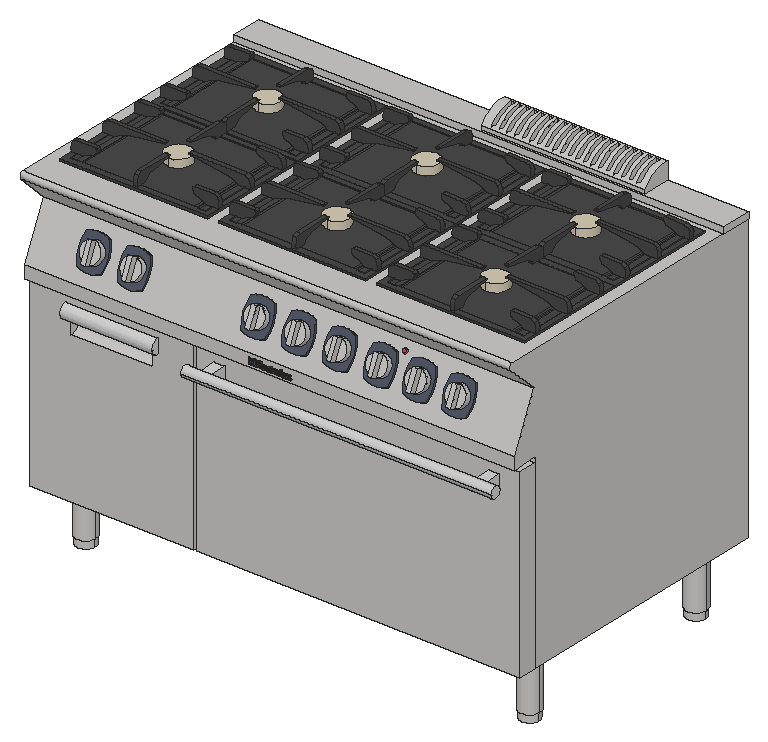
Revit family "QF_ELECTROLUXPROFESSIONAL_371406_E7AANTBGMII", category Attrezzature speciali, Revit 2018
Family settings
  Quota connettore circolare = Usa diametro
  Tipo di parte = Normale
  Basato su piano di lavoro = No
  Sempre verticale = Sì
  Taglio con vuoti quando caricato = No
  Condiviso = No
  Punto di calcolo locali = No
Parameters (values of type "Standard")
  Weight = 120.00 kg
  Watts = 6000 W
  Volts = 380 V
  URL Manufacturer = "https://www.electroluxprofessional.com/"
  URL = "https://www.electroluxprofessional.com/"
  Steam Supply Size = 0"
  Steam Supply Minimum Pressure = 0.00 psi
  Steam Supply Maximum Pressure = 0.00 psi
  Steam Consumption per Hour = 0
  Show Logo [instance] = yes
  Show Clearance [instance] = yes
  Refrigeration Suction Line Size = 0 mm
  Refrigeration Liquid Line Size = 0 mm
  Refrigerant Compressor Remote = yes
  Phase = 3
  Modello = "E7AANTBGMII"
  Produttore = "Electrolux Professional"
  Length Actual = 1200 mm  # constant formula
  Item Number = "371406"
  Hot Water Size = 0"
  Height Actual = 850 mm  # constant formula
  HP = "8 HP"
  Gas Size = 1/2"
  Gas KW = 33
  Gas Input Pressure = 1.10632 Btu/h
  Direct Waste Size = 0"
  Descrizione = "6-BURNER GAS RANGE+EL.OVEN+CUPB. 1200MM - QMARK"
  Depth Actual = 730 mm  # constant formula
  Cycle = 50 Hz
  Condensate Return Size = 0"
  Compressed Air Volume = 0 GPM
  Compressed Air Size = 0"
  Compressed Air Pressure = 0.00 psi
  Cold Water Size = 0"
  Assembly Code = ""
  Accessory = yes
Values of the unnamed type that differ from the named types
  Weight = 0.00 kg
  Watts = 0 W
  Volts = 0 V
  URL Manufacturer = ""
  Item Number = ""
  HP = ""
  Gas KW = 0
  Gas Input Pressure = 0.0 Btu/h
  Cycle = 0 Hz
Reference planes
  plane 1 "BACK": y = 0
  plane 2: z = 0
  plane 3 "LEFT": x = 0
  plane 4 "RIGHT": x = 1200
  plane 5 "FRONT": y = -700
  plane 6 "TOP": z = 908.9
  plane 7 "Center Y": x = 600
  plane 8 "Center X": y = -350
  plane 9 "Base": z = 150
  plane 10: z = 850.9
  plane 11: y = -730.129
  plane 12: y = -1109
Forms (mm)
  Revolve 1, solid, material "QF_Finishes_Stainless Steel"
    sketch origin (1, -90, 0) x (1, 0, 0) y (0, 0, 1)
      loop
        line (55, 0) -> (55, 150) -> (29.6, 150) -> (29.6, 19.05) -> (32.1, 19.05) -> (32.1, 0) -> (55, 0)
      axis (55, 0) -> (55, 150)
    angle from 0 to 360
  Revolve 2, solid, material "QF_Finishes_Stainless Steel"
    sketch origin (1, -599.588, 0) x (1, 0, 0) y (0, 0, 1)
      loop
        line (55, 0) -> (55, 150) -> (29.6, 150) -> (29.6, 19.05) -> (32.1, 19.05) -> (32.1, 0) -> (55, 0)
      axis (55, 0) -> (55, 150)
    angle from 0 to 360
  Revolve 3, solid, material "QF_Finishes_Stainless Steel"
    sketch origin (799, -90, 0) x (-1, 0, 0) y (0, 0, -1)
      loop
        line (-345, 0) -> (-367.9, 0) -> (-367.9, -19.05) -> (-370.4, -19.05) -> (-370.4, -150) -> (-345, -150) -> (-345, 0)
      axis (-345, 0) -> (-345, -150)
    angle from 0 to 360
  Revolve 4, solid, material "QF_Finishes_Stainless Steel"
    sketch origin (799, -599.588, 0) x (-1, 0, 0) y (0, 0, -1)
      loop
        line (-345, 0) -> (-367.9, 0) -> (-367.9, -19.05) -> (-370.4, -19.05) -> (-370.4, -150) -> (-345, -150) -> (-345, 0)
      axis (-345, 0) -> (-345, -150)
    angle from 0 to 360
  Extrusion 5, solid, material "QF_Finishes_Stainless Steel"
    sketch origin (0, 0, 576.213) x (0, 1, 0) y (0, 0, 1)
      loop
        line (0, -426.213) -> (0, 274.687) -> (-721.5, 274.687)
        arc (-721.5, 274.687) -> (-729.472, 269.36) -> (-727.602, 259.956) r 8.63
        line (-727.602, 259.956) -> (-658.266, 190.62) -> (-715.962, 65.264) -> (-715.962, 33.966) -> (-655.839, 38.662)
        arc (-655.839, 38.662) -> (-653.314, 37.914) -> (-652.222, 35.518) r 3.175
        line (-652.222, 35.518) -> (-652.222, -426.213) -> (0, -426.213)
    from 0 to 1200
  Extrusion 6, solid, material "QF_Finishes_Stainless Steel"
    sketch origin (0, -652.222, 611.731) x (0, 0, -1) y (1, 0, 0)
      loop
        line (461.731, 408.5) -> (461.731, 1200) -> (9.61, 1200) -> (9.61, 408.5) -> (461.731, 408.5)
      loop
        line (461.731, 0) -> (461.731, 400.5) -> (9.61, 400.5) -> (9.61, 0) -> (461.731, 0)
      loop
        line (95.781, 100.253) -> (95.781, 300.8) -> (44.981, 300.8) -> (44.981, 100.253) -> (95.781, 100.253)
    from 3.175 to 47.778
  Extrusion 7, solid, material "QF_Finishes_Stainless Steel"
    sketch origin (0, 0, 576.213) x (0, 1, 0) y (0, 0, 1)
      loop
        line (0, 274.687) -> (0, 288.975) -> (-76.2, 288.975) -> (-76.2, 274.687) -> (0, 274.687)
    from 0 to 1200
  Extrusion 8, solid, material "QF_Finishes_Stainless Steel"
    sketch origin (0, 0, 150) x (-1, 0, 0) y (0, -1, 0)
      loop
        circle (-1147.613, 464) r 6.35
    from -8.815 to 7.722
  Extrusion 9, solid, material "QF_Finishes_Door Clearance", visible <- "Show Clearance", detail levels coarse
    sketch origin (0, 0, 0) x (0, 1, 0) y (0, 0, 1)
      loop
        line (-1109, 150) -> (-700, 150) -> (-700, 601.405)
        arc (-700, 601.405) -> (-991.543, 454.568) -> (-1109, 150) r 453.603
    from 0 to 1200
  Extrusion 10, solid, material "QF_Finishes_Clearance", visible <- "Show Clearance", detail levels coarse
    sketch origin (0, 0, 0) x (1, 0, 0) y (0, 1, 0)
      loop
        line (-150, -730.129) -> (0, -730.129) -> (0, 0) -> (1200, 0) -> (1200, -730.129) -> (1350, -730.129) -> (1350, 150) -> (-150, 150) -> (-150, -730.129)
    from 0 to 908.85
  Extrusion 11, solid, material "QF_Finishes_Handrails and Railings"
    sketch origin (400, 0, 0) x (0, 1, 0) y (0, 0, 1)
      loop
        line (-700, 580.001) -> (-738.678, 577.296)
        arc (-738.678, 577.296) -> (-739.871, 563.489) -> (-752.981, 558.993) r 12.7
        arc (-752.981, 558.993) -> (-752.44, 558.176) -> (-751.841, 557.401) r 13.441
        arc (-751.841, 557.401) -> (-750.036, 555.955) -> (-747.808, 555.335) r 5.77
        line (-747.808, 555.335) -> (-700, 551.992) -> (-700, 580.001)
    from 50.8 to 76.2
  Extrusion 12, solid, material "QF_Finishes_Handrails and Railings"
    sketch origin (1200, 0, 0) x (0, 1, 0) y (0, 0, -1)
      loop
        line (-700, -580.001) -> (-700, -551.992) -> (-747.808, -555.335)
        arc (-747.808, -555.335) -> (-750.036, -555.955) -> (-751.841, -557.401) r 5.77
        arc (-751.841, -557.401) -> (-752.44, -558.176) -> (-752.981, -558.993) r 13.441
        arc (-752.981, -558.993) -> (-739.871, -563.489) -> (-738.678, -577.296) r 12.7
        line (-738.678, -577.296) -> (-700, -580.001)
    from 50.8 to 76.2
  Extrusion 13, solid, material "QF_Finishes_Handrails and Railings"
    sketch origin (400, 0, 0) x (0, 1, 0) y (0, 0, 1)
      loop
        circle (-749.878, 571.309) r 12.7
    from 19.875 to 780.125
  Extrusion 14, solid, material "QF_Finishes_Handrails and Railings"
    sketch origin (177.525, -443.896, 1933.213) x (0, 0.885087, 0.465426) y (0, -0.465426, 0.885087)
      loop
        arc (-854.629, -1074.965) -> (-878.641, -1082.427) -> (-871.18, -1106.439) r 17.78
        line (-871.18, -1106.439) -> (-854.629, -1074.965)
    from -89.972 to 135.975
  Extrusion 15, solid, material "QF_Finishes_Stainless Steel"
    sketch origin (-22.5, 0, 28.959) x (0, 1, 0) y (0, 0, 1)
      loop
        line (-700, 486.991) -> (-657.087, 486.991) -> (-657.087, 537.791) -> (-678.147, 537.791) -> (-678.147, 511.464)
        arc (-678.147, 511.464) -> (-684.405, 495.059) -> (-700, 486.991) r 24.63
    from 122.753 to 323.3
  Extrusion 16, solid, material "QF_Finishes_Navy Blue"
    sketch origin (405.244, -713.772, 646.186) x (0, 0.418102, 0.9084) y (-1, 0, 0)
      loop
        arc (102.623, -510.47) -> (67.041, -502.846) -> (31.333, -509.853) r 90.5
        arc (31.333, -509.853) -> (24.507, -539.04) -> (31.333, -568.228) r 65.817
        arc (31.333, -568.228) -> (67.04, -575.188) -> (102.623, -567.615) r 91.066
        arc (102.623, -567.615) -> (109.179, -539.043) -> (102.623, -510.47) r 65.546
    from 0 to 3.175
  Extrusion 17, solid, material "QF_Finishes_Stainless Steel"
    sketch origin (783.994, -717.485, 645.711) x (0, 0.418102, 0.9084) y (-1, 0, 0)
      loop
        circle (68.826, -160.963) r 25.4
    from 0 to 12.7
  Extrusion 18, solid, material "QF_Finishes_Stainless Steel"
    sketch origin (783.994, -729.022, 651.021) x (0, 0.418102, 0.9084) y (-1, 0, 0)
      loop
        arc (93.558, -166.749) -> (94.226, -160.963) -> (93.558, -155.177) r 25.4
        line (93.558, -155.177) -> (44.094, -155.177)
        arc (44.094, -155.177) -> (43.426, -160.963) -> (44.094, -166.749) r 25.4
        line (44.094, -166.749) -> (93.558, -166.749)
    from 0 to 12.7
  Extrusion 19, solid, material "QF_Finishes_Navy Blue"
    sketch origin (-392.256, -713.772, 646.186) x (0, 0.418102, 0.9084) y (-1, 0, 0)
      loop
        arc (102.623, -510.47) -> (67.041, -502.846) -> (31.333, -509.853) r 90.5
        arc (31.333, -509.853) -> (24.507, -539.04) -> (31.333, -568.228) r 65.817
        arc (31.333, -568.228) -> (67.04, -575.188) -> (102.623, -567.615) r 91.066
        arc (102.623, -567.615) -> (109.179, -539.043) -> (102.623, -510.47) r 65.546
    from 0 to 3.175
  Extrusion 20, solid, material "QF_Finishes_Stainless Steel"
    sketch origin (-13.506, -717.485, 645.711) x (0, 0.418102, 0.9084) y (-1, 0, 0)
      loop
        circle (68.826, -160.963) r 25.4
    from 0 to 12.7
  Extrusion 21, solid, material "QF_Finishes_Stainless Steel"
    sketch origin (-13.506, -729.022, 651.021) x (0, 0.418102, 0.9084) y (-1, 0, 0)
      loop
        arc (93.558, -166.749) -> (94.226, -160.963) -> (93.558, -155.177) r 25.4
        line (93.558, -155.177) -> (44.094, -155.177)
        arc (44.094, -155.177) -> (43.426, -160.963) -> (44.094, -166.749) r 25.4
        line (44.094, -166.749) -> (93.558, -166.749)
    from 0 to 12.7
  Extrusion 22, solid, material "QF_Finishes_Navy Blue"
    sketch origin (-292.256, -713.772, 646.186) x (0, 0.418102, 0.9084) y (-1, 0, 0)
      loop
        arc (102.623, -510.47) -> (67.041, -502.846) -> (31.333, -509.853) r 90.5
        arc (31.333, -509.853) -> (24.507, -539.04) -> (31.333, -568.228) r 65.817
        arc (31.333, -568.228) -> (67.04, -575.188) -> (102.623, -567.615) r 91.066
        arc (102.623, -567.615) -> (109.179, -539.043) -> (102.623, -510.47) r 65.546
    from 0 to 3.175
  Extrusion 23, solid, material "QF_Finishes_Stainless Steel"
    sketch origin (86.494, -717.485, 645.711) x (0, 0.418102, 0.9084) y (-1, 0, 0)
      loop
        circle (68.826, -160.963) r 25.4
    from 0 to 12.7
  Extrusion 24, solid, material "QF_Finishes_Stainless Steel"
    sketch origin (86.494, -729.022, 651.021) x (0, 0.418102, 0.9084) y (-1, 0, 0)
      loop
        arc (93.558, -166.749) -> (94.226, -160.963) -> (93.558, -155.177) r 25.4
        line (93.558, -155.177) -> (44.094, -155.177)
        arc (44.094, -155.177) -> (43.426, -160.963) -> (44.094, -166.749) r 25.4
        line (44.094, -166.749) -> (93.558, -166.749)
    from 0 to 12.7
  Extrusion 25, void
    sketch origin (-62.611, 0, 865.138) x (-1, 0, 0) y (0, -1, 0)
      loop
        line (-695.005, 6.761) -> (-685.709, 6.761) -> (-685.709, 63.911) -> (-695.005, 63.911) -> (-695.005, 6.761)
      loop
        line (-713.697, 6.761) -> (-704.401, 6.761) -> (-704.401, 63.911) -> (-713.697, 63.911) -> (-713.697, 6.761)
      loop
        line (-732.39, 6.761) -> (-723.094, 6.761) -> (-723.094, 63.911) -> (-732.39, 63.911) -> (-732.39, 6.761)
      loop
        line (-751.082, 6.761) -> (-741.787, 6.761) -> (-741.787, 63.911) -> (-751.082, 63.911) -> (-751.082, 6.761)
      loop
        line (-769.775, 6.761) -> (-760.479, 6.761) -> (-760.479, 63.911) -> (-769.775, 63.911) -> (-769.775, 6.761)
      loop
        line (-788.468, 6.761) -> (-779.172, 6.761) -> (-779.172, 63.911) -> (-788.468, 63.911) -> (-788.468, 6.761)
      loop
        line (-807.16, 6.761) -> (-797.864, 6.761) -> (-797.864, 63.911) -> (-807.16, 63.911) -> (-807.16, 6.761)
      loop
        line (-825.853, 6.761) -> (-816.557, 6.761) -> (-816.557, 63.911) -> (-825.853, 63.911) -> (-825.853, 6.761)
      loop
        line (-844.545, 6.761) -> (-835.25, 6.761) -> (-835.25, 63.911) -> (-844.545, 63.911) -> (-844.545, 6.761)
      loop
        line (-863.238, 6.761) -> (-853.942, 6.761) -> (-853.942, 63.911) -> (-863.238, 63.911) -> (-863.238, 6.761)
      loop
        line (-881.931, 6.761) -> (-872.635, 6.761) -> (-872.635, 63.911) -> (-881.931, 63.911) -> (-881.931, 6.761)
      loop
        line (-900.623, 6.761) -> (-891.328, 6.761) -> (-891.328, 63.911) -> (-900.623, 63.911) -> (-900.623, 6.761)
      loop
        line (-919.316, 6.761) -> (-910.02, 6.761) -> (-910.02, 63.911) -> (-919.316, 63.911) -> (-919.316, 6.761)
      loop
        line (-938.008, 6.761) -> (-928.713, 6.761) -> (-928.713, 63.911) -> (-938.008, 63.911) -> (-938.008, 6.761)
      loop
        line (-956.701, 6.761) -> (-947.405, 6.761) -> (-947.405, 63.911) -> (-956.701, 63.911) -> (-956.701, 6.761)
      loop
        line (-975.394, 6.761) -> (-966.098, 6.761) -> (-966.098, 63.911) -> (-975.394, 63.911) -> (-975.394, 6.761)
      loop
        line (-994.086, 6.761) -> (-984.791, 6.761) -> (-984.791, 63.911) -> (-994.086, 63.911) -> (-994.086, 6.761)
      loop
        line (-1012.779, 6.761) -> (-1003.483, 6.761) -> (-1003.483, 63.911) -> (-1012.779, 63.911) -> (-1012.779, 6.761)
      loop
        line (-1031.472, 6.761) -> (-1022.176, 6.761) -> (-1022.176, 63.911) -> (-1031.472, 63.911) -> (-1031.472, 6.761)
      loop
        line (-1050.164, 6.761) -> (-1040.868, 6.761) -> (-1040.868, 63.911) -> (-1050.164, 63.911) -> (-1050.164, 6.761)
    from 9.525 to 45.348
  Extrusion 26, solid, material "QF_Finishes_Stainless Steel"
    sketch origin (202.4, 0, 590.5) x (0, 1, 0) y (0, 0, 1)
      loop
        line (0, 274.688) -> (0, 318.4)
        arc (0, 318.4) -> (-39.072, 309.779) -> (-69.85, 284.212) r 84.854
        line (-69.85, 284.212) -> (-69.85, 274.688) -> (0, 274.688)
    from 400 to 800
  Extrusion 27, solid, material "QF_Finishes_Navy Blue"
    sketch origin (502.744, -713.772, 646.186) x (0, 0.418102, 0.9084) y (-1, 0, 0)
      loop
        arc (102.623, -510.47) -> (67.041, -502.846) -> (31.333, -509.853) r 90.5
        arc (31.333, -509.853) -> (24.507, -539.04) -> (31.333, -568.228) r 65.817
        arc (31.333, -568.228) -> (67.04, -575.188) -> (102.623, -567.615) r 91.066
        arc (102.623, -567.615) -> (109.179, -539.043) -> (102.623, -510.47) r 65.546
    from 0 to 3.175
  Extrusion 28, solid, material "QF_Finishes_Stainless Steel"
    sketch origin (881.494, -717.485, 645.711) x (0, 0.418102, 0.9084) y (-1, 0, 0)
      loop
        circle (68.826, -160.963) r 25.4
    from 0 to 12.7
  Extrusion 29, solid, material "QF_Finishes_Stainless Steel"
    sketch origin (881.494, -729.022, 651.021) x (0, 0.418102, 0.9084) y (-1, 0, 0)
      loop
        arc (93.558, -166.749) -> (94.226, -160.963) -> (93.558, -155.177) r 25.4
        line (93.558, -155.177) -> (44.094, -155.177)
        arc (44.094, -155.177) -> (43.426, -160.963) -> (44.094, -166.749) r 25.4
        line (44.094, -166.749) -> (93.558, -166.749)
    from 0 to 12.7
  Extrusion 30, solid, material "QF_Finishes_Navy Blue"
    sketch origin (10.244, -713.772, 646.186) x (0, 0.418102, 0.9084) y (-1, 0, 0)
      loop
        arc (102.623, -510.47) -> (67.041, -502.846) -> (31.333, -509.853) r 90.5
        arc (31.333, -509.853) -> (24.507, -539.04) -> (31.333, -568.228) r 65.817
        arc (31.333, -568.228) -> (67.04, -575.188) -> (102.623, -567.615) r 91.066
        arc (102.623, -567.615) -> (109.179, -539.043) -> (102.623, -510.47) r 65.546
    from 0 to 3.175
  Extrusion 31, solid, material "QF_Finishes_Stainless Steel"
    sketch origin (388.994, -717.485, 645.711) x (0, 0.418102, 0.9084) y (-1, 0, 0)
      loop
        circle (68.826, -160.963) r 25.4
    from 0 to 12.7
  Extrusion 32, solid, material "QF_Finishes_Stainless Steel"
    sketch origin (388.994, -729.022, 651.021) x (0, 0.418102, 0.9084) y (-1, 0, 0)
      loop
        arc (93.558, -166.749) -> (94.226, -160.963) -> (93.558, -155.177) r 25.4
        line (93.558, -155.177) -> (44.094, -155.177)
        arc (44.094, -155.177) -> (43.426, -160.963) -> (44.094, -166.749) r 25.4
        line (44.094, -166.749) -> (93.558, -166.749)
    from 0 to 12.7
  Extrusion 33, solid, material "QF_Finishes_Navy Blue"
    sketch origin (110.244, -713.772, 646.186) x (0, 0.418102, 0.9084) y (-1, 0, 0)
      loop
        arc (102.623, -510.47) -> (67.041, -502.846) -> (31.333, -509.853) r 90.5
        arc (31.333, -509.853) -> (24.507, -539.04) -> (31.333, -568.228) r 65.817
        arc (31.333, -568.228) -> (67.04, -575.188) -> (102.623, -567.615) r 91.066
        arc (102.623, -567.615) -> (109.179, -539.043) -> (102.623, -510.47) r 65.546
    from 0 to 3.175
  Extrusion 34, solid, material "QF_Finishes_Stainless Steel"
    sketch origin (488.994, -717.485, 645.711) x (0, 0.418102, 0.9084) y (-1, 0, 0)
      loop
        circle (68.826, -160.963) r 25.4
    from 0 to 12.7
  Extrusion 35, solid, material "QF_Finishes_Stainless Steel"
    sketch origin (488.994, -729.022, 651.021) x (0, 0.418102, 0.9084) y (-1, 0, 0)
      loop
        arc (93.558, -166.749) -> (94.226, -160.963) -> (93.558, -155.177) r 25.4
        line (93.558, -155.177) -> (44.094, -155.177)
        arc (44.094, -155.177) -> (43.426, -160.963) -> (44.094, -166.749) r 25.4
        line (44.094, -166.749) -> (93.558, -166.749)
    from 0 to 12.7
  Extrusion 36, solid, material "QF_Finishes_Navy Blue"
    sketch origin (210.244, -713.772, 646.186) x (0, 0.418102, 0.9084) y (-1, 0, 0)
      loop
        arc (102.623, -510.47) -> (67.041, -502.846) -> (31.333, -509.853) r 90.5
        arc (31.333, -509.853) -> (24.507, -539.04) -> (31.333, -568.228) r 65.817
        arc (31.333, -568.228) -> (67.04, -575.188) -> (102.623, -567.615) r 91.066
        arc (102.623, -567.615) -> (109.179, -539.043) -> (102.623, -510.47) r 65.546
    from 0 to 3.175
  Extrusion 37, solid, material "QF_Finishes_Stainless Steel"
    sketch origin (588.994, -717.485, 645.711) x (0, 0.418102, 0.9084) y (-1, 0, 0)
      loop
        circle (68.826, -160.963) r 25.4
    from 0 to 12.7
  Extrusion 38, solid, material "QF_Finishes_Stainless Steel"
    sketch origin (588.994, -729.022, 651.021) x (0, 0.418102, 0.9084) y (-1, 0, 0)
      loop
        arc (93.558, -166.749) -> (94.226, -160.963) -> (93.558, -155.177) r 25.4
        line (93.558, -155.177) -> (44.094, -155.177)
        arc (44.094, -155.177) -> (43.426, -160.963) -> (44.094, -166.749) r 25.4
        line (44.094, -166.749) -> (93.558, -166.749)
    from 0 to 12.7
  Extrusion 39, solid, material "QF_Finishes_Navy Blue"
    sketch origin (310.244, -713.772, 646.186) x (0, 0.418102, 0.9084) y (-1, 0, 0)
      loop
        arc (102.623, -510.47) -> (67.041, -502.846) -> (31.333, -509.853) r 90.5
        arc (31.333, -509.853) -> (24.507, -539.04) -> (31.333, -568.228) r 65.817
        arc (31.333, -568.228) -> (67.04, -575.188) -> (102.623, -567.615) r 91.066
        arc (102.623, -567.615) -> (109.179, -539.043) -> (102.623, -510.47) r 65.546
    from 0 to 3.175
  Extrusion 40, solid, material "QF_Finishes_Stainless Steel"
    sketch origin (688.994, -717.485, 645.711) x (0, 0.418102, 0.9084) y (-1, 0, 0)
      loop
        circle (68.826, -160.963) r 25.4
    from 0 to 12.7
  Extrusion 41, solid, material "QF_Finishes_Stainless Steel"
    sketch origin (688.994, -729.022, 651.021) x (0, 0.418102, 0.9084) y (-1, 0, 0)
      loop
        arc (93.558, -166.749) -> (94.226, -160.963) -> (93.558, -155.177) r 25.4
        line (93.558, -155.177) -> (44.094, -155.177)
        arc (44.094, -155.177) -> (43.426, -160.963) -> (44.094, -166.749) r 25.4
        line (44.094, -166.749) -> (93.558, -166.749)
    from 0 to 12.7
  Extrusion 42, solid, material "QF_Finishes_Red"
    sketch origin (0, -658.266, 766.833) x (0, -0.418102, -0.9084) y (1, 0, 0)
      loop
        circle (22.847, 894.112) r 5
    from 0 to 1.6
  Extrusion 43, solid, material "QF_Finishes_Stainless Steel"
    sketch origin (0, -50, 150) x (-1, 0, 0) y (0, -1, 0)
      loop
        circle (-1147.613, 464) r 3.175
    from -1.55 to 7.722
  Extrusion 44, solid, material "QF_Finishes_Navy Blue", visible <- "Show Logo"
    sketch origin (261.109, -715.962, 610.773) x (0, 0, 1) y (-1, 0, 0)
      loop
        line (20.674, -296.698) -> (8.307, -296.698)
        arc (8.307, -296.698) -> (14.491, -301.27) -> (20.674, -296.698) r 6.467
      loop
        arc (20.674, -296.069) -> (19.505, -290.926) -> (14.849, -288.448) r 6.338
        line (14.849, -288.448) -> (14.849, -290.494)
        arc (14.849, -290.494) -> (16.333, -294.149) -> (19.778, -296.069) r 5.941
        line (19.778, -296.069) -> (20.674, -296.069)
      loop
        arc (9.203, -296.069) -> (12.648, -294.149) -> (14.132, -290.494) r 5.941
        line (14.132, -290.494) -> (14.132, -288.448)
        arc (14.132, -288.448) -> (9.438, -290.922) -> (8.148, -296.069) r 6.504
        line (8.148, -296.069) -> (9.203, -296.069)
      loop
        line (21.349, -287.979) -> (7.604, -287.979) -> (7.604, -301.742) -> (21.349, -301.742) -> (21.349, -287.979)
      loop
        arc (21.432, -304.71) -> (21.085, -304.352) -> (20.718, -304.69) r 0.358
        arc (20.718, -304.69) -> (20.404, -305.44) -> (19.687, -305.825) r 1.216
        line (19.687, -305.825) -> (9.274, -305.825)
        arc (9.274, -305.825) -> (8.614, -305.548) -> (8.218, -304.951) r 1.238
        arc (8.218, -304.951) -> (7.823, -304.7) -> (7.518, -305.054) r 0.358
        line (7.518, -305.054) -> (7.518, -314.933) -> (10.269, -314.933) -> (10.269, -314.036)
        arc (10.269, -314.036) -> (9.36, -313.456) -> (8.904, -312.479) r 1.928
        line (8.904, -312.479) -> (8.904, -309.98)
        arc (8.904, -309.98) -> (9.18, -309.251) -> (9.868, -308.887) r 1.101
        line (9.868, -308.887) -> (13.955, -308.887) -> (13.955, -312.561)
        arc (13.955, -312.561) -> (13.602, -313.058) -> (13.037, -313.286) r 1.083
        arc (13.037, -313.286) -> (12.773, -313.591) -> (13.065, -313.869) r 0.292
        line (13.065, -313.869) -> (16.028, -313.869)
        arc (16.028, -313.869) -> (16.33, -313.596) -> (16.092, -313.266) r 0.305
        arc (16.092, -313.266) -> (15.601, -313.018) -> (15.296, -312.561) r 1.083
        line (15.296, -312.561) -> (15.296, -308.887) -> (19.973, -308.887) -> (19.973, -312.635)
        arc (19.973, -312.635) -> (19.759, -313.39) -> (19.153, -313.888) r 1.314
        arc (19.153, -313.888) -> (18.934, -314.292) -> (19.288, -314.585) r 0.361
        line (19.288, -314.585) -> (21.432, -314.585) -> (21.432, -304.71)
      loop
        arc (20.715, -315.365) -> (20.335, -316.284) -> (19.416, -316.664) r 1.299
        line (19.416, -316.664) -> (9.837, -316.664)
        arc (9.837, -316.664) -> (8.999, -316.286) -> (8.728, -315.408) r 1.118
        line (8.728, -315.408) -> (7.518, -315.408) -> (7.518, -320.758) -> (8.706, -320.758)
        arc (8.706, -320.758) -> (8.978, -319.841) -> (9.848, -319.445) r 1.153
        line (9.848, -319.445) -> (21.92, -319.445) -> (20.715, -315.365)
      loop
        line (12.483, -323.394) -> (12.483, -329.842) -> (13.282, -329.842)
        arc (13.282, -329.842) -> (15.862, -328.857) -> (17.131, -326.404) r 3.874
        line (17.131, -326.404) -> (17.131, -324.643)
        arc (17.131, -324.643) -> (15.944, -321.778) -> (13.08, -320.592) r 4.051
        line (13.08, -320.592) -> (11.072, -320.592)
        arc (11.072, -320.592) -> (8.253, -322.077) -> (7.202, -325.084) r 4.352
        arc (7.202, -325.084) -> (7.566, -327.547) -> (8.943, -329.621) r 5.713
        line (8.943, -329.621) -> (9.892, -329.621)
        arc (9.892, -329.621) -> (9.16, -328.052) -> (8.943, -326.334) r 5.579
        arc (8.943, -326.334) -> (9.737, -324.371) -> (11.616, -323.394) r 3.057
        line (11.616, -323.394) -> (12.483, -323.394)
      loop
        line (13.742, -323.394) -> (13.742, -326.977)
        arc (13.742, -326.977) -> (15.199, -327.024) -> (16.082, -325.864) r 1.59
        line (16.082, -325.864) -> (16.082, -325.034)
        arc (16.082, -325.034) -> (15.217, -323.779) -> (13.742, -323.394) r 2.184
      loop
        arc (16.533, -339.259) -> (17.022, -337.585) -> (17.179, -335.848) r 9.023
        line (17.179, -335.848) -> (17.179, -334.486)
        arc (17.179, -334.486) -> (16.02, -331.686) -> (13.22, -330.527) r 3.959
        line (13.22, -330.527) -> (10.62, -330.527)
        arc (10.62, -330.527) -> (8.338, -331.819) -> (7.221, -334.192) r 4.331
        line (7.221, -334.192) -> (7.221, -336.327)
        arc (7.221, -336.327) -> (7.729, -337.877) -> (8.651, -339.223) r 5.772
        arc (8.651, -339.223) -> (9.412, -339.274) -> (9.499, -338.515) r 0.553
        arc (9.499, -338.515) -> (9.111, -337.781) -> (8.977, -336.962) r 2.573
        line (8.977, -336.962) -> (8.977, -335.447)
        arc (8.977, -335.447) -> (9.983, -333.806) -> (11.798, -333.163) r 2.884
        line (11.798, -333.163) -> (13.077, -333.163)
        arc (13.077, -333.163) -> (14.898, -333.723) -> (15.824, -335.388) r 2.554
        line (15.824, -335.388) -> (15.824, -336.441)
        arc (15.824, -336.441) -> (15.493, -337.369) -> (14.836, -338.104) r 2.564
        arc (14.836, -338.104) -> (14.614, -338.821) -> (15.223, -339.259) r 0.643
        line (15.223, -339.259) -> (16.533, -339.259)
      loop
        line (15.515, -339.53) -> (15.515, -341.031) -> (9.467, -341.031)
        arc (9.467, -341.031) -> (7.879, -341.688) -> (7.221, -343.276) r 2.246
        line (7.221, -343.276) -> (7.221, -344.86)
        arc (7.221, -344.86) -> (7.535, -345.725) -> (8.035, -346.496) r 4.06
        arc (8.035, -346.496) -> (8.768, -346.629) -> (9.019, -345.928) r 0.576
        arc (9.019, -345.928) -> (8.913, -345.403) -> (8.977, -344.87) r 1.69
        arc (8.977, -344.87) -> (9.519, -344.082) -> (10.425, -343.779) r 1.506
        line (10.425, -343.779) -> (15.563, -343.779) -> (15.563, -346.176) -> (16.119, -346.733) -> (16.941, -346.733) -> (16.941, -343.873) -> (20.172, -343.873) -> (15.515, -339.53)
      loop
        line (7.438, -347.63) -> (7.438, -353.017) -> (8.548, -353.017)
        arc (8.548, -353.017) -> (8.942, -352.066) -> (9.893, -351.672) r 1.345
        line (9.893, -351.672) -> (13.509, -351.672)
        arc (13.509, -351.672) -> (14.274, -352.264) -> (14.564, -353.186) r 1.615
        line (14.564, -353.186) -> (14.564, -354.742) -> (17.119, -355.427) -> (17.119, -354.044) -> (15.177, -351.485) -> (17.057, -351.485) -> (16.773, -348.779)
        arc (16.773, -348.779) -> (16.333, -348.249) -> (15.674, -348.45) r 0.621
        arc (15.674, -348.45) -> (15.274, -348.792) -> (14.78, -348.975) r 1.501
        line (14.78, -348.975) -> (9.893, -348.975)
        arc (9.893, -348.975) -> (8.942, -348.581) -> (8.548, -347.63) r 1.345
        line (8.548, -347.63) -> (7.438, -347.63)
      loop
        line (13.54, -354.964) -> (10.848, -354.964)
        arc (10.848, -354.964) -> (8.403, -356.272) -> (7.269, -358.803) r 4.288
        arc (7.269, -358.803) -> (7.205, -360.183) -> (7.269, -361.563) r 15.022
        arc (7.269, -361.563) -> (8.403, -364.094) -> (10.848, -365.401) r 4.288
        line (10.848, -365.401) -> (13.54, -365.401)
        arc (13.54, -365.401) -> (15.986, -364.094) -> (17.119, -361.563) r 4.288
        arc (17.119, -361.563) -> (17.183, -360.183) -> (17.119, -358.803) r 15.022
        arc (17.119, -358.803) -> (15.986, -356.272) -> (13.54, -354.964) r 4.288
      loop
        line (13.745, -358.078) -> (10.643, -358.078)
        arc (10.643, -358.078) -> (8.486, -360.235) -> (10.643, -362.392) r 2.157
        line (10.643, -362.392) -> (13.745, -362.392)
        arc (13.745, -362.392) -> (15.902, -360.235) -> (13.745, -358.078) r 2.157
      loop
        arc (20.726, -365.26) -> (20.355, -366.154) -> (19.461, -366.524) r 1.264
        line (19.461, -366.524) -> (9.597, -366.524)
        arc (9.597, -366.524) -> (8.727, -366.127) -> (8.455, -365.211) r 1.153
        line (8.455, -365.211) -> (7.518, -365.211) -> (7.518, -370.319) -> (8.446, -370.319)
        arc (8.446, -370.319) -> (8.805, -369.547) -> (9.597, -369.232) r 1.153
        line (9.597, -369.232) -> (21.92, -369.232) -> (20.726, -365.26)
      loop
        arc (15.846, -369.857) -> (15.647, -370.921) -> (14.678, -371.403) r 1.215
        line (14.678, -371.403) -> (9.658, -371.403)
        arc (9.658, -371.403) -> (8.043, -372.051) -> (7.322, -373.634) r 2.338
        line (7.322, -373.634) -> (7.322, -375.148)
        arc (7.322, -375.148) -> (7.497, -376.152) -> (7.999, -377.038) r 2.979
        line (7.999, -377.038) -> (7.518, -378.835) -> (7.518, -380.524) -> (16.943, -380.524) -> (16.649, -376.32) -> (15.863, -376.32)
        arc (15.863, -376.32) -> (15.507, -377.156) -> (14.755, -377.665) r 1.605
        line (14.755, -377.665) -> (9.652, -377.665)
        arc (9.652, -377.665) -> (9.232, -376.728) -> (9.159, -375.704) r 2.94
        arc (9.159, -375.704) -> (9.72, -374.603) -> (10.873, -374.16) r 1.724
        line (10.873, -374.16) -> (17.07, -374.16) -> (15.846, -369.857)
      loop
        line (16.874, -381.377) -> (15.202, -383.423) -> (12.028, -385.729) -> (8.572, -382.617)
        arc (8.572, -382.617) -> (8.335, -382.223) -> (8.357, -381.764) r 0.789
        line (8.357, -381.764) -> (7.518, -381.764) -> (7.518, -385.309) -> (8.344, -385.309)
        arc (8.344, -385.309) -> (8.686, -384.947) -> (9.176, -385.039) r 0.52
        line (9.176, -385.039) -> (10.976, -386.51) -> (8.858, -387.886)
        arc (8.858, -387.886) -> (8.457, -387.576) -> (8.37, -387.076) r 0.7
        line (8.37, -387.076) -> (7.518, -387.076) -> (7.518, -393.003) -> (8.405, -393.003)
        arc (8.405, -393.003) -> (8.472, -392.344) -> (8.866, -391.813) r 1.247
        line (8.866, -391.813) -> (13.066, -388.532) -> (15.513, -390.585) -> (16.874, -392.327) -> (16.874, -388.604) -> (15.389, -389.026) -> (13.868, -387.749) -> (15.568, -386.559) -> (16.874, -387.336) -> (16.874, -381.377)
    from 0 to 1.644
Cuts and joins
  Extrusion 25 cuts Extrusion 7
  joined: Extrusion 6, Extrusion 15
  Extrusion 25 cuts Extrusion 10
  Extrusion 25 cuts Extrusion 26
Lines and regions (mm)
  symbolic lines, style "QF-Door Swings"
    curve 1: line (0, -730.129, 150) -> (0, -1109, 150)
    curve 2: line (0, -1109, 150) -> (1200, -1109, 150)
    curve 3: line (1200, -1109, 150) -> (1200, -730.129, 150)
  symbolic lines
    curve 4: line (1200, -730.129, 150) -> (0, -730.129, 150)
    curve 5: line (0, 0, 150) -> (0, -730.129, 150)
    curve 6: line (0, -69.85, 150) -> (1200, -69.85, 150)
    curve 7: line (0, -76.2, 150) -> (1200, -76.2, 150)
    curve 8: line (1200, -730.129, 150) -> (1200, 0, 150)
    curve 9: line (0, 0, 150) -> (1200, 0, 150)
    curve 13: line (1180.125, -762.578, 150) -> (419.875, -762.578, 150)
    curve 14: line (1180.125, -737.178, 150) -> (1180.125, -762.578, 150)
    curve 15: line (1149.2, -738.678, 150) -> (1149.2, -730.129, 150)
    curve 16: line (1123.8, -738.678, 150) -> (1123.8, -730.129, 150)
    curve 17: line (1123.8, -738.678, 150) -> (1149.2, -738.678, 150)
    curve 18: line (419.875, -737.178, 150) -> (450.8, -737.178, 150)
    curve 19: line (1149.2, -737.178, 150) -> (1180.125, -737.178, 150)
    curve 20: line (632.394, -6.761, 150) -> (632.394, -63.911, 150)
    curve 21: line (632.394, -63.911, 150) -> (623.098, -63.911, 150)
    curve 22: line (623.098, -63.911, 150) -> (623.098, -6.761, 150)
    curve 23: line (623.098, -6.761, 150) -> (632.394, -6.761, 150)
    curve 24: line (838.012, -6.761, 150) -> (838.012, -63.911, 150)
    curve 25: line (838.012, -63.911, 150) -> (828.717, -63.911, 150)
    curve 26: line (828.717, -63.911, 150) -> (828.717, -6.761, 150)
    curve 27: line (828.717, -6.761, 150) -> (838.012, -6.761, 150)
    curve 28: line (819.32, -6.761, 150) -> (819.32, -63.911, 150)
    curve 29: line (819.32, -63.911, 150) -> (810.024, -63.911, 150)
    curve 30: line (810.024, -63.911, 150) -> (810.024, -6.761, 150)
    curve 31: line (810.024, -6.761, 150) -> (819.32, -6.761, 150)
    curve 32: line (800.627, -6.761, 150) -> (800.627, -63.911, 150)
    curve 33: line (800.627, -63.911, 150) -> (791.331, -63.911, 150)
    curve 34: line (791.331, -63.911, 150) -> (791.331, -6.761, 150)
    curve 35: line (791.331, -6.761, 150) -> (800.627, -6.761, 150)
    curve 36: line (781.934, -6.761, 150) -> (781.934, -63.911, 150)
    curve 37: line (781.934, -63.911, 150) -> (772.639, -63.911, 150)
    curve 38: line (772.639, -63.911, 150) -> (772.639, -6.761, 150)
    curve 39: line (772.639, -6.761, 150) -> (781.934, -6.761, 150)
    curve 40: line (763.242, -6.761, 150) -> (763.242, -63.911, 150)
    curve 41: line (763.242, -63.911, 150) -> (753.946, -63.911, 150)
    curve 42: line (753.946, -63.911, 150) -> (753.946, -6.761, 150)
    curve 43: line (753.946, -6.761, 150) -> (763.242, -6.761, 150)
    curve 44: line (744.549, -6.761, 150) -> (744.549, -63.911, 150)
    curve 45: line (744.549, -63.911, 150) -> (735.253, -63.911, 150)
    curve 46: line (735.253, -63.911, 150) -> (735.253, -6.761, 150)
    curve 47: line (735.253, -6.761, 150) -> (744.549, -6.761, 150)
    curve 48: line (725.857, -6.761, 150) -> (725.857, -63.911, 150)
    curve 49: line (725.857, -63.911, 150) -> (716.561, -63.911, 150)
    curve 50: line (716.561, -63.911, 150) -> (716.561, -6.761, 150)
    curve 51: line (716.561, -6.761, 150) -> (725.857, -6.761, 150)
    curve 52: line (707.164, -6.761, 150) -> (707.164, -63.911, 150)
    curve 53: line (707.164, -63.911, 150) -> (697.868, -63.911, 150)
    curve 54: line (697.868, -63.911, 150) -> (697.868, -6.761, 150)
    curve 55: line (697.868, -6.761, 150) -> (707.164, -6.761, 150)
    curve 56: line (688.471, -6.761, 150) -> (688.471, -63.911, 150)
    curve 57: line (688.471, -63.911, 150) -> (679.176, -63.911, 150)
    curve 58: line (679.176, -63.911, 150) -> (679.176, -6.761, 150)
    curve 59: line (679.176, -6.761, 150) -> (688.471, -6.761, 150)
    curve 60: line (669.779, -6.761, 150) -> (669.779, -63.911, 150)
    curve 61: line (669.779, -63.911, 150) -> (660.483, -63.911, 150)
    curve 62: line (660.483, -63.911, 150) -> (660.483, -6.761, 150)
    curve 63: line (660.483, -6.761, 150) -> (669.779, -6.761, 150)
    curve 64: line (651.086, -6.761, 150) -> (651.086, -63.911, 150)
    curve 65: line (651.086, -63.911, 150) -> (641.79, -63.911, 150)
    curve 66: line (641.79, -63.911, 150) -> (641.79, -6.761, 150)
    curve 67: line (641.79, -6.761, 150) -> (651.086, -6.761, 150)
    curve 68: line (987.553, -6.761, 150) -> (987.553, -63.911, 150)
    curve 69: line (987.553, -63.911, 150) -> (978.257, -63.911, 150)
    curve 70: line (978.257, -63.911, 150) -> (978.257, -6.761, 150)
    curve 71: line (978.257, -6.761, 150) -> (987.553, -6.761, 150)
    curve 72: line (968.861, -6.761, 150) -> (968.861, -63.911, 150)
    curve 73: line (968.861, -63.911, 150) -> (959.565, -63.911, 150)
    curve 74: line (959.565, -63.911, 150) -> (959.565, -6.761, 150)
    curve 75: line (959.565, -6.761, 150) -> (968.861, -6.761, 150)
    curve 76: line (950.168, -6.761, 150) -> (950.168, -63.911, 150)
    curve 77: line (950.168, -63.911, 150) -> (940.872, -63.911, 150)
    curve 78: line (940.872, -63.911, 150) -> (940.872, -6.761, 150)
    curve 79: line (940.872, -6.761, 150) -> (950.168, -6.761, 150)
    curve 80: line (931.475, -6.761, 150) -> (931.475, -63.911, 150)
    curve 81: line (931.475, -63.911, 150) -> (922.18, -63.911, 150)
    curve 82: line (922.18, -63.911, 150) -> (922.18, -6.761, 150)
    curve 83: line (922.18, -6.761, 150) -> (931.475, -6.761, 150)
    curve 84: line (912.783, -6.761, 150) -> (912.783, -63.911, 150)
    curve 85: line (912.783, -63.911, 150) -> (903.487, -63.911, 150)
    curve 86: line (903.487, -63.911, 150) -> (903.487, -6.761, 150)
    curve 87: line (903.487, -6.761, 150) -> (912.783, -6.761, 150)
    curve 88: line (894.09, -6.761, 150) -> (894.09, -63.911, 150)
    curve 89: line (894.09, -63.911, 150) -> (884.794, -63.911, 150)
    curve 90: line (884.794, -63.911, 150) -> (884.794, -6.761, 150)
    curve 91: line (884.794, -6.761, 150) -> (894.09, -6.761, 150)
    curve 92: line (875.397, -6.761, 150) -> (875.397, -63.911, 150)
    curve 93: line (875.397, -63.911, 150) -> (866.102, -63.911, 150)
    curve 94: line (866.102, -63.911, 150) -> (866.102, -6.761, 150)
    curve 95: line (866.102, -6.761, 150) -> (875.397, -6.761, 150)
    curve 96: line (856.705, -6.761, 150) -> (856.705, -63.911, 150)
    curve 97: line (856.705, -63.911, 150) -> (847.409, -63.911, 150)
    curve 98: line (847.409, -63.911, 150) -> (847.409, -6.761, 150)
    curve 99: line (847.409, -6.761, 150) -> (856.705, -6.761, 150)
    curve 100: line (1002.4, -69.85, 150) -> (1002.4, 0, 150)
    curve 101: line (602.4, -69.85, 150) -> (602.4, 0, 150)
    curve 102: line (450.8, -738.678, 150) -> (450.8, -730.129, 150)
    curve 103: line (476.2, -730.129, 150) -> (476.2, -738.678, 150)
    curve 104: line (419.875, -737.178, 150) -> (450.8, -737.178, 150)
    curve 105: line (419.875, -762.578, 150) -> (419.875, -737.178, 150)
    curve 106: line (450.8, -738.678, 150) -> (476.2, -738.678, 150)
    curve 107: line (476.2, -737.178, 150) -> (1123.8, -737.178, 150)
  symbolic lines, style "QF-Clearances", visible <- "Show Clearance", detail levels coarse
    curve 10: line (-150, -730.129, 150) -> (-150, 150, 150)
    curve 11: line (-150, 150, 150) -> (1350, 150, 150)
    curve 12: line (1350, 150, 150) -> (1350, -730.129, 150)
Dimensions and locks
  equal spacing: plane 3 "LEFT", plane 7 "Center Y", plane 4 "RIGHT"
  plane 3 "LEFT" to plane 4 "RIGHT" = 1200 mm
  equal spacing: plane 5 "FRONT", plane 8 "Center X", plane 1 "BACK"
  plane 5 "FRONT" to plane 1 "BACK" = 700 mm
  plane 6 "TOP" to level = 908.9 mm
  plane 9 "Base" to level = 150 mm
  plane 6 "TOP" to plane 10 = 58 mm  (x2)
  plane 1 "BACK" to plane 11 = 730.129 mm
  plane 1 "BACK" to plane 12 = 1109 mm
  aligned and locked: level to plane 2
Automatic sketch dimensions
  Revolve 1 sketch curve to plane 9 "Base" = 0 mm  (x2)
  Revolve 1 sketch curve to level = 0 mm
  plane 3 "LEFT" to Revolve 1 sketch curve = 30.6 mm
  Revolve 1 sketch curve to Revolve 1 sketch curve = 2.5 mm
  Revolve 1 sketch curve to Revolve 1 sketch curve = 25.4 mm
  Revolve 1 sketch curve to Revolve 1 sketch curve = 0 mm
  level to Revolve 1 sketch curve = 19.05 mm
  plane 9 "Base" to Revolve 1 sketch curve = 20 mm
  Revolve 2 sketch curve to plane 9 "Base" = 0 mm  (x2)
  Revolve 2 sketch curve to level = 0 mm
  plane 3 "LEFT" to Revolve 2 sketch curve = 30.6 mm
  Revolve 2 sketch curve to Revolve 2 sketch curve = 2.5 mm
  Revolve 2 sketch curve to Revolve 2 sketch curve = 25.4 mm
  Revolve 2 sketch curve to Revolve 2 sketch curve = 0 mm
  level to Revolve 2 sketch curve = 19.05 mm
  plane 9 "Base" to Revolve 2 sketch curve = 20 mm
  Revolve 3 sketch curve to plane 9 "Base" = 0 mm  (x2)
  Revolve 3 sketch curve to level = 0 mm
  Revolve 3 sketch curve to plane 4 "RIGHT" = 30.6 mm
  Revolve 3 sketch curve to Revolve 3 sketch curve = 2.5 mm
  Revolve 3 sketch curve to Revolve 3 sketch curve = 25.4 mm
  Revolve 3 sketch curve to Revolve 3 sketch curve = 0 mm
  plane 9 "Base" to Revolve 3 sketch curve = 20 mm
  level to Revolve 3 sketch curve = 19.05 mm
  Revolve 4 sketch curve to plane 9 "Base" = 0 mm  (x2)
  Revolve 4 sketch curve to level = 0 mm
  Revolve 4 sketch curve to plane 4 "RIGHT" = 30.6 mm
  Revolve 4 sketch curve to Revolve 4 sketch curve = 2.5 mm
  Revolve 4 sketch curve to Revolve 4 sketch curve = 25.4 mm
  Revolve 4 sketch curve to Revolve 4 sketch curve = 0 mm
  plane 9 "Base" to Revolve 4 sketch curve = 20 mm
  level to Revolve 4 sketch curve = 19.05 mm
  Extrusion 5 sketch curve to plane 10 = 0 mm
  Extrusion 5 sketch curve to plane 9 "Base" = 0 mm
  Extrusion 5 sketch curve to plane 1 "BACK" = 0 mm
  Extrusion 5 sketch curve to plane 5 "FRONT" = 47.778 mm
  Extrusion 5 sketch curve to Extrusion 5 sketch curve = 3.175 mm
  Extrusion 5 sketch curve to Extrusion 5 sketch curve = 0.442 mm
  Extrusion 5 sketch curve to plane 5 "FRONT" = 41.734 mm
  Extrusion 5 sketch curve to plane 11 = 14.167 mm
  Extrusion 5 sketch curve to plane 11 = 8.63 mm
  Extrusion 5 sketch curve to plane 11 = 2.528 mm
  Extrusion 5 sketch curve to plane 10 = 240.721 mm
  Extrusion 5 sketch curve to Extrusion 5 sketch curve = 1.552 mm
  Extrusion 5 sketch curve to Extrusion 5 sketch curve = 31.298 mm
  Extrusion 5 sketch curve to plane 10 = 84.067 mm
  Extrusion 5 sketch curve to plane 10 = 14.732 mm
  Extrusion 6 sketch curve to Extrusion 5 = 0 mm  (x3)
  Extrusion 5 to Extrusion 6 sketch curve = 0 mm
  Extrusion 5 to Extrusion 6 sketch curve = 95.781 mm
  Extrusion 5 to Extrusion 6 sketch curve = 44.981 mm
  Extrusion 5 to Extrusion 6 sketch curve = 9.61 mm  (x2)
  Extrusion 5 to Extrusion 6 sketch curve = 100.253 mm
  Extrusion 6 sketch curve to Extrusion 6 sketch curve = 200.547 mm
  Extrusion 6 sketch curve to Extrusion 6 sketch curve = 99.7 mm
  Extrusion 6 sketch curve to Extrusion 6 sketch curve = 8 mm
  Extrusion 7 sketch curve to plane 10 = 0 mm
  Extrusion 7 sketch curve to plane 1 "BACK" = 0 mm
  plane 10 to Extrusion 7 sketch curve = 14.288 mm
  Extrusion 7 sketch curve to Extrusion 7 sketch curve = 76.2 mm
  Extrusion 8 sketch curve to plane 4 "RIGHT" = 52.387 mm
  Extrusion 8 sketch curve to plane 8 "Center X" = 114 mm
  Extrusion 9 sketch curve to plane 9 "Base" = 0 mm
  Extrusion 9 sketch curve to plane 12 = 0 mm
  Extrusion 9 sketch curve to plane 5 "FRONT" = 0 mm
  Extrusion 9 sketch curve to Extrusion 9 sketch curve = 44.603 mm
  plane 11 to curve 12 = 0 mm
  curve 3 to plane 4 "RIGHT" = 0 mm
  curve 4 to plane 4 "RIGHT" = 0 mm
  plane 11 to curve 15 = 0 mm
  plane 1 "BACK" to curve 100 = 0 mm
  curve 2 to plane 3 "LEFT" = 0 mm
  curve 4 to plane 3 "LEFT" = 0 mm
  plane 11 to curve 10 = 0 mm
  plane 12 to curve 2 = 0 mm
  curve 12 to curve 4 = 150 mm
  curve 14 to plane 4 "RIGHT" = 19.875 mm
  curve 14 to curve 15 = 30.925 mm
  plane 11 to curve 107 = 7.049 mm
  curve 19 to curve 107 = 25.4 mm
  plane 1 "BACK" to curve 100 = 69.85 mm
  curve 100 to plane 4 "RIGHT" = 197.6 mm
  curve 100 to curve 68 = 14.847 mm
  curve 68 to curve 69 = 9.296 mm
  curve 70 to curve 75 = 9.397 mm
  curve 72 to curve 73 = 9.296 mm
  curve 73 to curve 77 = 9.397 mm
  curve 76 to curve 79 = 9.296 mm
  curve 77 to curve 80 = 9.397 mm
  curve 80 to curve 83 = 9.296 mm
  curve 81 to curve 85 = 9.397 mm
  curve 84 to curve 87 = 9.296 mm
  curve 85 to curve 89 = 9.397 mm
  curve 88 to curve 90 = 9.296 mm
  curve 90 to curve 92 = 9.397 mm
  curve 92 to curve 94 = 9.296 mm
  curve 93 to curve 96 = 9.397 mm
  curve 96 to curve 97 = 9.296 mm
  curve 97 to curve 24 = 9.397 mm
  curve 24 to curve 27 = 9.296 mm
  curve 25 to curve 29 = 9.397 mm
  curve 28 to curve 31 = 9.296 mm
  curve 29 to curve 33 = 9.397 mm
  curve 32 to curve 34 = 9.296 mm
  curve 33 to curve 36 = 9.397 mm
  curve 36 to curve 37 = 9.296 mm
  curve 38 to curve 40 = 9.397 mm
  curve 40 to curve 42 = 9.296 mm
  curve 42 to curve 44 = 9.397 mm
  curve 44 to curve 47 = 9.296 mm
  curve 45 to curve 48 = 9.397 mm
  curve 48 to curve 50 = 9.296 mm
  curve 49 to curve 53 = 9.397 mm
  curve 52 to curve 54 = 9.296 mm
  curve 53 to curve 56 = 9.397 mm
  curve 56 to curve 58 = 9.296 mm
  curve 58 to curve 63 = 9.397 mm
  curve 60 to curve 62 = 9.296 mm
  curve 61 to curve 64 = 9.397 mm
  curve 64 to curve 66 = 9.296 mm
  curve 66 to curve 23 = 9.397 mm
  curve 20 to curve 22 = 9.296 mm
  plane 7 "Center Y" to curve 101 = 2.4 mm
  plane 11 to curve 103 = 8.549 mm
  curve 103 to plane 7 "Center Y" = 123.8 mm
  plane 11 to curve 104 = 7.049 mm
  curve 107 to curve 104 = 25.4 mm
  curve 102 to curve 13 = 30.925 mm
  curve 11 to plane 3 "LEFT" = 150 mm
  curve 12 to plane 1 "BACK" = 150 mm
  plane 1 "BACK" to curve 86 = 6.761 mm
  plane 1 "BACK" to curve 83 = 6.761 mm
  plane 1 "BACK" to curve 88 = 6.761 mm
  plane 1 "BACK" to curve 92 = 6.761 mm
  plane 1 "BACK" to curve 79 = 6.761 mm
  plane 1 "BACK" to curve 54 = 6.761 mm
  plane 1 "BACK" to curve 99 = 6.761 mm
  plane 1 "BACK" to curve 75 = 6.761 mm
  plane 1 "BACK" to curve 20 = 6.761 mm
  plane 1 "BACK" to curve 71 = 6.761 mm
  plane 1 "BACK" to curve 24 = 6.761 mm
  plane 1 "BACK" to curve 67 = 6.761 mm
  plane 1 "BACK" to curve 28 = 6.761 mm
  plane 1 "BACK" to curve 63 = 6.761 mm
  plane 1 "BACK" to curve 32 = 6.761 mm
  plane 1 "BACK" to curve 59 = 6.761 mm
  plane 1 "BACK" to curve 36 = 6.761 mm
  plane 1 "BACK" to curve 51 = 6.761 mm
  plane 1 "BACK" to curve 40 = 6.761 mm
  plane 1 "BACK" to curve 47 = 6.761 mm
  curve 46 to curve 46 = 57.15 mm
  curve 44 to curve 42 = 0 mm
  curve 48 to curve 45 = 0 mm
  curve 40 to curve 38 = 0 mm
  curve 52 to curve 49 = 0 mm
  curve 94 to curve 94 = 57.15 mm
  curve 36 to curve 34 = 0 mm
  curve 56 to curve 53 = 0 mm
  curve 32 to curve 30 = 0 mm
  curve 60 to curve 57 = 0 mm
  curve 28 to curve 26 = 0 mm
  curve 64 to curve 61 = 0 mm
  curve 22 to curve 65 = 0 mm
  curve 68 to curve 100 = 5.939 mm
  curve 96 to curve 93 = 0 mm
  curve 72 to curve 69 = 0 mm
  curve 76 to curve 73 = 0 mm
  curve 92 to curve 90 = 0 mm
  curve 80 to curve 77 = 0 mm
  curve 88 to curve 86 = 0 mm
  curve 6 to curve 7 = 6.35 mm
  plane 11 to curve 19 = 7.049 mm
  curve 19 to curve 15 = 1.5 mm
  curve 14 to curve 13 = 25.4 mm
  plane 11 to Extrusion 10 sketch curve = 0 mm  (x2)
  Extrusion 10 sketch curve to plane 3 "LEFT" = 0 mm
  plane 1 "BACK" to Extrusion 10 sketch curve = 0 mm
  Extrusion 10 sketch curve to plane 4 "RIGHT" = 0 mm
  Extrusion 10 sketch curve to plane 3 "LEFT" = 150 mm
  plane 4 "RIGHT" to Extrusion 10 sketch curve = 150 mm
  Extrusion 10 sketch curve to plane 1 "BACK" = 150 mm
  Extrusion 11 sketch curve to plane 5 "FRONT" = 0 mm
  plane 11 to Extrusion 11 sketch curve = 8.549 mm
  plane 11 to Extrusion 11 sketch curve = 11.379 mm
  Extrusion 11 sketch curve to Extrusion 11 sketch curve = 5.898 mm
  Extrusion 11 sketch curve to Extrusion 11 sketch curve = 0.402 mm
  Extrusion 11 sketch curve to Extrusion 11 sketch curve = 8.37 mm
  Extrusion 11 sketch curve to Extrusion 11 sketch curve = 4.033 mm
  Extrusion 11 sketch curve to Extrusion 11 sketch curve = 0 mm  (x2)
  Extrusion 11 sketch curve to Extrusion 11 sketch curve = 1.139 mm
  Extrusion 11 sketch curve to plane 10 = 298.908 mm
  Extrusion 11 sketch curve to Extrusion 11 sketch curve = 3.343 mm
  Extrusion 11 sketch curve to Extrusion 11 sketch curve = 2.066 mm
  Extrusion 11 sketch curve to Extrusion 11 sketch curve = 5.312 mm
  Extrusion 11 sketch curve to Extrusion 11 sketch curve = 28.009 mm
  Extrusion 12 sketch curve to plane 5 "FRONT" = 0 mm
  plane 11 to Extrusion 12 sketch curve = 8.549 mm
  plane 11 to Extrusion 12 sketch curve = 11.379 mm
  Extrusion 12 sketch curve to Extrusion 12 sketch curve = 5.898 mm
  Extrusion 12 sketch curve to Extrusion 12 sketch curve = 0.402 mm
  Extrusion 12 sketch curve to Extrusion 12 sketch curve = 8.37 mm
  Extrusion 12 sketch curve to Extrusion 12 sketch curve = 4.033 mm
  Extrusion 12 sketch curve to Extrusion 12 sketch curve = 0 mm  (x2)
  Extrusion 12 sketch curve to Extrusion 12 sketch curve = 1.139 mm
  Extrusion 12 sketch curve to plane 10 = 270.899 mm
  Extrusion 12 sketch curve to Extrusion 12 sketch curve = 2.705 mm
  Extrusion 12 sketch curve to Extrusion 12 sketch curve = 5.987 mm
  Extrusion 12 sketch curve to Extrusion 12 sketch curve = 5.312 mm
  Extrusion 12 sketch curve to Extrusion 12 sketch curve = 28.009 mm
  plane 11 to Extrusion 13 sketch curve = 19.749 mm
  Extrusion 13 sketch curve to plane 10 = 279.591 mm
  Extrusion 14 sketch curve to plane 5 "FRONT" = 0 mm  (x3)
  Extrusion 14 sketch curve to plane 10 = 302.451 mm
  Extrusion 14 sketch curve to Extrusion 14 sketch curve = 8.275 mm
  Extrusion 15 sketch curve to plane 5 "FRONT" = 0 mm
  plane 5 "FRONT" to Extrusion 15 sketch curve = 2.777 mm
  Extrusion 15 sketch curve to plane 5 "FRONT" = 21.853 mm
  Extrusion 15 sketch curve to Extrusion 15 sketch curve = 21.059 mm
  Extrusion 15 sketch curve to plane 10 = 334.95 mm
  Extrusion 15 sketch curve to Extrusion 15 sketch curve = 26.327 mm
  Extrusion 16 sketch curve to plane 4 "RIGHT" = 284.904 mm
  Extrusion 16 sketch curve to Extrusion 16 sketch curve = 0 mm
  Extrusion 16 sketch curve to Extrusion 16 sketch curve = 12.3 mm  (x3)
  Extrusion 16 sketch curve to Extrusion 16 sketch curve = 34.925 mm  (x2)
  Extrusion 16 sketch curve to Extrusion 16 sketch curve = 46.691 mm
  Extrusion 16 sketch curve to Extrusion 16 sketch curve = 0.617 mm
  Extrusion 16 sketch curve to Extrusion 16 sketch curve = 28.57 mm
  Extrusion 16 sketch curve to Extrusion 16 sketch curve = 29.185 mm
  Extrusion 18 sketch curve to Extrusion 18 sketch curve = 24.732 mm
  Extrusion 18 sketch curve to Extrusion 18 sketch curve = 0 mm
  plane 3 "LEFT" to Extrusion 19 sketch curve = 117.596 mm
  Extrusion 19 sketch curve to Extrusion 19 sketch curve = 0 mm
  Extrusion 19 sketch curve to Extrusion 19 sketch curve = 12.3 mm  (x3)
  Extrusion 19 sketch curve to Extrusion 19 sketch curve = 34.925 mm  (x2)
  Extrusion 19 sketch curve to Extrusion 19 sketch curve = 46.691 mm
  Extrusion 19 sketch curve to Extrusion 19 sketch curve = 0.617 mm
  Extrusion 19 sketch curve to Extrusion 19 sketch curve = 28.57 mm
  Extrusion 19 sketch curve to Extrusion 19 sketch curve = 29.185 mm
  Extrusion 21 sketch curve to Extrusion 21 sketch curve = 24.732 mm
  Extrusion 21 sketch curve to Extrusion 21 sketch curve = 0 mm
  plane 3 "LEFT" to Extrusion 22 sketch curve = 217.596 mm
  Extrusion 22 sketch curve to Extrusion 22 sketch curve = 0 mm
  Extrusion 22 sketch curve to Extrusion 22 sketch curve = 12.3 mm  (x3)
  Extrusion 22 sketch curve to Extrusion 22 sketch curve = 34.925 mm  (x2)
  Extrusion 22 sketch curve to Extrusion 22 sketch curve = 46.691 mm
  Extrusion 22 sketch curve to Extrusion 22 sketch curve = 0.617 mm
  Extrusion 22 sketch curve to Extrusion 22 sketch curve = 28.57 mm
  Extrusion 22 sketch curve to Extrusion 22 sketch curve = 29.185 mm
  Extrusion 24 sketch curve to Extrusion 24 sketch curve = 24.732 mm
  Extrusion 24 sketch curve to Extrusion 24 sketch curve = 0 mm
  plane 1 "BACK" to Extrusion 25 sketch curve = 63.911 mm  (x2)
  Extrusion 25 sketch curve to plane 4 "RIGHT" = 212.447 mm
  Extrusion 25 sketch curve to Extrusion 25 sketch curve = 9.296 mm  (x20)
  Extrusion 25 sketch curve to Extrusion 25 sketch curve = 9.397 mm  (x19)
  Extrusion 25 sketch curve to Extrusion 25 sketch curve = 0 mm  (x18)
  plane 1 "BACK" to Extrusion 25 sketch curve = 6.761 mm  (x20)
  Extrusion 26 sketch curve to plane 1 "BACK" = 0 mm
  Extrusion 26 sketch curve to plane 6 "TOP" = 0 mm
  plane 1 "BACK" to Extrusion 26 sketch curve = 1.769 mm
  plane 10 to Extrusion 26 sketch curve = 23.812 mm
  plane 1 "BACK" to Extrusion 26 sketch curve = 69.85 mm
  plane 10 to Extrusion 26 sketch curve = 14.288 mm
  Extrusion 27 sketch curve to plane 4 "RIGHT" = 187.404 mm
  Extrusion 27 sketch curve to Extrusion 27 sketch curve = 0 mm
  Extrusion 27 sketch curve to Extrusion 27 sketch curve = 12.3 mm  (x3)
  Extrusion 27 sketch curve to Extrusion 27 sketch curve = 34.925 mm  (x2)
  Extrusion 27 sketch curve to Extrusion 27 sketch curve = 46.691 mm
  Extrusion 27 sketch curve to Extrusion 27 sketch curve = 0.617 mm
  Extrusion 27 sketch curve to Extrusion 27 sketch curve = 28.57 mm
  Extrusion 27 sketch curve to Extrusion 27 sketch curve = 29.185 mm
  Extrusion 29 sketch curve to Extrusion 29 sketch curve = 24.732 mm
  Extrusion 29 sketch curve to Extrusion 29 sketch curve = 0 mm
  Extrusion 30 sketch curve to plane 7 "Center Y" = 79.904 mm
  Extrusion 30 sketch curve to plane 7 "Center Y" = 21.528 mm
  Extrusion 30 sketch curve to Extrusion 30 sketch curve = 0 mm
  Extrusion 30 sketch curve to Extrusion 30 sketch curve = 12.3 mm  (x3)
  plane 7 "Center Y" to Extrusion 30 sketch curve = 3.586 mm
  Extrusion 30 sketch curve to Extrusion 30 sketch curve = 34.925 mm  (x2)
  Extrusion 30 sketch curve to Extrusion 30 sketch curve = 46.691 mm
  Extrusion 30 sketch curve to plane 7 "Center Y" = 22.141 mm
  Extrusion 32 sketch curve to Extrusion 32 sketch curve = 24.732 mm
  Extrusion 32 sketch curve to Extrusion 32 sketch curve = 0 mm
  plane 7 "Center Y" to Extrusion 33 sketch curve = 20.096 mm
  Extrusion 33 sketch curve to Extrusion 33 sketch curve = 0 mm
  Extrusion 33 sketch curve to Extrusion 33 sketch curve = 12.3 mm  (x3)
  Extrusion 33 sketch curve to Extrusion 33 sketch curve = 34.925 mm  (x2)
  Extrusion 33 sketch curve to plane 7 "Center Y" = 5.631 mm
  Extrusion 33 sketch curve to Extrusion 33 sketch curve = 46.691 mm
  plane 7 "Center Y" to Extrusion 33 sketch curve = 20.714 mm
  Extrusion 33 sketch curve to Extrusion 33 sketch curve = 25.114 mm
  Extrusion 35 sketch curve to Extrusion 35 sketch curve = 24.732 mm
  Extrusion 35 sketch curve to Extrusion 35 sketch curve = 0 mm
  plane 7 "Center Y" to Extrusion 36 sketch curve = 120.096 mm
  Extrusion 36 sketch curve to Extrusion 36 sketch curve = 0 mm
  Extrusion 36 sketch curve to Extrusion 36 sketch curve = 12.3 mm  (x3)
  Extrusion 36 sketch curve to Extrusion 36 sketch curve = 34.925 mm  (x2)
  Extrusion 36 sketch curve to Extrusion 36 sketch curve = 46.691 mm
  Extrusion 36 sketch curve to Extrusion 36 sketch curve = 0.617 mm
  Extrusion 36 sketch curve to Extrusion 36 sketch curve = 28.57 mm
  Extrusion 36 sketch curve to Extrusion 36 sketch curve = 29.185 mm
  Extrusion 38 sketch curve to Extrusion 38 sketch curve = 24.732 mm
  Extrusion 38 sketch curve to Extrusion 38 sketch curve = 0 mm
  plane 7 "Center Y" to Extrusion 39 sketch curve = 220.096 mm
  Extrusion 39 sketch curve to Extrusion 39 sketch curve = 0 mm
  Extrusion 39 sketch curve to Extrusion 39 sketch curve = 12.3 mm  (x3)
  Extrusion 39 sketch curve to Extrusion 39 sketch curve = 34.925 mm  (x2)
  Extrusion 39 sketch curve to Extrusion 39 sketch curve = 46.691 mm
  Extrusion 39 sketch curve to Extrusion 39 sketch curve = 0.617 mm
  Extrusion 39 sketch curve to Extrusion 39 sketch curve = 28.57 mm
  Extrusion 39 sketch curve to Extrusion 39 sketch curve = 29.185 mm
  Extrusion 41 sketch curve to Extrusion 41 sketch curve = 24.732 mm
  Extrusion 41 sketch curve to Extrusion 41 sketch curve = 0 mm
  Extrusion 5 to Extrusion 42 sketch curve = 22.847 mm
  Extrusion 5 to Extrusion 42 sketch curve = 305.888 mm
  Extrusion 43 sketch curve to plane 4 "RIGHT" = 52.387 mm
  Extrusion 43 sketch curve to plane 8 "Center X" = 164 mm
  plane 7 "Center Y" to Extrusion 44 sketch curve = 21.292 mm
  Extrusion 44 sketch curve to plane 10 = 237.967 mm
  Extrusion 44 sketch curve to plane 7 "Center Y" = 13.807 mm
  Extrusion 44 sketch curve to Extrusion 44 sketch curve = 5.041 mm
  plane 7 "Center Y" to Extrusion 44 sketch curve = 5.969 mm
  Extrusion 44 sketch curve to Extrusion 44 sketch curve = 5.06 mm
  Extrusion 44 sketch curve to Extrusion 44 sketch curve = 0 mm  (x27)
  Extrusion 44 sketch curve to Extrusion 44 sketch curve = 5.108 mm  (x2)
  Extrusion 44 sketch curve to Extrusion 44 sketch curve = 0.054 mm
  Extrusion 44 sketch curve to Extrusion 44 sketch curve = 0.218 mm
  Extrusion 44 sketch curve to Extrusion 44 sketch curve = 0.195 mm
  Extrusion 44 sketch curve to Extrusion 44 sketch curve = 0.249 mm
